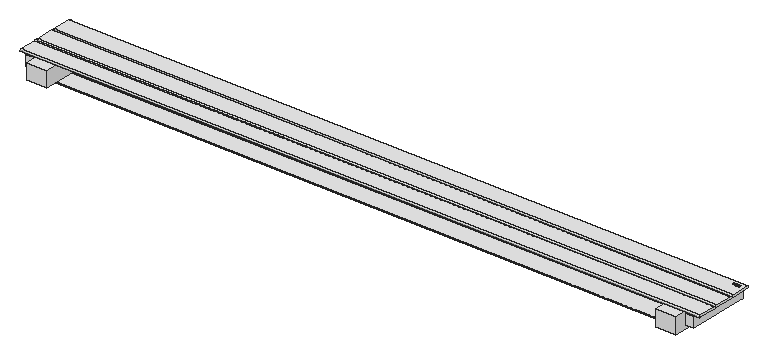
Revit family "Runtal-EB3-120D-120-Volts-96", category Mechanical Equipment, host Face, Revit 2026
Family settings
  Host = Face
  Round Connector Dimension = Use Diameter
  Part Type = Normal
  Classification Number = 23.75.10.14.14
  Cut with Voids When Loaded = No
  Maintain Annotation Orientation = No
  Shared = No
  Room Calculation Point = No
Parameters (values of type "Radiator-EB3-120D-96-Runtal-Electric Baseboard")
  Vertical Conection = Powder Coated-Runtal- Brass
  URL = "http://www.runtalnorthamerica.com/cartpages/orderelectricbaseboard.html"
  Model = "EB3-120D-(120 Volts)96"
  Manufacturer = "Runtal Radiators"
  Logo = Paint-Runtal-B-Black Matte
  Length [instance] = 8.000 ft
  Lamelle = yes
  Height [instance] = 0.000 ft
  Grille = yes
  Description = "96\" Runtal’s electric baseboard combines high outputs and low surface temperatures with the fine design and outstanding outputs."
  Depth [instance] = 0.000 ft
  Default Elevation = 4.479167 ft
  Casing = Powder Coated-Runtal-W-White
  Assembly Code = "D3020"
Reference planes (ft)
  plane 1 "Center (Front/Back)": y = 0
  plane 2: z = 0
  plane 3 "Center (Left/Right)": x = 0
Forms (ft)
  Extrusion 1, solid, material "Powder Coated-Runtal-W-White" <- "Casing"
    sketch origin (-1.041667, -4.570916, -0.0625) x (0, 0, -1) y (0, 1, 0)
      loop
        line (-0.25, 4.705771) -> (-0.25, 4.914105)
        arc (-0.25, 4.914105) -> (-0.260417, 4.924521) -> (-0.270833, 4.914105) r 0.010417
        line (-0.270833, 4.914105) -> (-0.270833, 4.705771)
        arc (-0.270833, 4.705771) -> (-0.260417, 4.695355) -> (-0.25, 4.705771) r 0.010417
      loop
        line (-0.25, 5.195766) -> (-0.25, 5.4041)
        arc (-0.25, 5.4041) -> (-0.260417, 5.414516) -> (-0.270833, 5.4041) r 0.010417
        line (-0.270833, 5.4041) -> (-0.270833, 5.195766)
        arc (-0.270833, 5.195766) -> (-0.260417, 5.18535) -> (-0.25, 5.195766) r 0.010417
      loop
        line (-0.25, 4.950769) -> (-0.25, 5.159102)
        arc (-0.25, 5.159102) -> (-0.260417, 5.169519) -> (-0.270833, 5.159102) r 0.010417
        line (-0.270833, 5.159102) -> (-0.270833, 4.950769)
        arc (-0.270833, 4.950769) -> (-0.260417, 4.940352) -> (-0.25, 4.950769) r 0.010417
    from -2.958333 to 5.041667
  Extrusion 2, solid, material "Powder Coated-Runtal-W-White" <- "Casing"
    sketch origin (-0.5, -0.40425, -0.224663) x (0, 0, -1) y (0, 1, 0)
      loop
        line (-0.401746, 1.04975) -> (-0.391329, 1.04975) -> (-0.391329, 1.218703) -> (-0.401746, 1.218703) -> (-0.401746, 1.04975)
    from -3.322917 to 4.322917
  Extrusion 3, solid, material "Powder Coated-Runtal-W-White" <- "Casing"
    sketch origin (-3, 0, -0.318697) x (0, 0, -1) y (0, 1, 0)
      loop
        line (-0.495781, 0.125) -> (-0.372589, 0.125) -> (-0.372589, 0.831573)
        arc (-0.372589, 0.831573) -> (-0.376155, 0.840183) -> (-0.384766, 0.84375) r 0.012177
        line (-0.384766, 0.84375) -> (-0.486488, 0.84375)
        arc (-0.486488, 0.84375) -> (-0.493059, 0.841028) -> (-0.495781, 0.834457) r 0.009293
        line (-0.495781, 0.834457) -> (-0.495781, 0.814453) -> (-0.506197, 0.814453) -> (-0.506197, 0.6455) -> (-0.495781, 0.6455) -> (-0.495781, 0.562658) -> (-0.506197, 0.562658) -> (-0.506197, 0.402366) -> (-0.495781, 0.402366) -> (-0.495781, 0.325113) -> (-0.506197, 0.325113) -> (-0.506197, 0.164821) -> (-0.495781, 0.164821) -> (-0.495781, 0.125)
    from -0.9375 to -0.822917
  Extrusion 4, solid, material "Powder Coated-Runtal-W-White" <- "Casing"
    sketch origin (3, 0, -0.318697) x (0, 0, -1) y (0, -1, 0)
      loop
        line (-0.495781, -0.125) -> (-0.495781, -0.164821) -> (-0.506197, -0.164821) -> (-0.506197, -0.325113) -> (-0.495781, -0.325113) -> (-0.495781, -0.402366) -> (-0.506197, -0.402366) -> (-0.506197, -0.562658) -> (-0.495781, -0.562658) -> (-0.495781, -0.6455) -> (-0.506197, -0.6455) -> (-0.506197, -0.814453) -> (-0.495781, -0.814453) -> (-0.495781, -0.834457)
        arc (-0.495781, -0.834457) -> (-0.493059, -0.841028) -> (-0.486488, -0.84375) r 0.009293
        line (-0.486488, -0.84375) -> (-0.384766, -0.84375)
        arc (-0.384766, -0.84375) -> (-0.376155, -0.840183) -> (-0.372589, -0.831573) r 0.012177
        line (-0.372589, -0.831573) -> (-0.372589, -0.125) -> (-0.495781, -0.125)
    from -0.9375 to -0.822917
  Extrusion 5, solid, material "Powder Coated-Runtal-W-White" <- "Casing"
    sketch origin (3, 0, -0.318697) x (0, 0, -1) y (0, -1, 0)
      loop
        line (-0.506197, -0.562658) -> (-0.318697, -0.562658) -> (-0.318697, 0) -> (-0.506197, 0) -> (-0.506197, -0.562658)
    from -0.822917 to -0.583333
  Revolve 6, solid, material "Powder Coated-Runtal- Brass" <- "Vertical Conection", detail levels medium+fine
    sketch origin (3.761344, -0.104261, -0.318697) x (0, 0, -1) y (0, 1, 0)
      loop
        line (-0.325662, 0.445089) -> (-0.325662, 0.453515) -> (-0.336948, 0.453515) -> (-0.336948, 0.43704) -> (-0.308881, 0.43704) -> (-0.308881, 0.445089) -> (-0.312297, 0.445089) -> (-0.312297, 0.453515) -> (-0.31608, 0.453515) -> (-0.31608, 0.445089) -> (-0.325662, 0.445089)
      axis (-0.308881, 0.43704) -> (-0.336948, 0.43704)
    angle from 0 to 360
  Revolve 7, solid, material "Powder Coated-Runtal- Brass" <- "Vertical Conection", detail levels medium+fine
    sketch origin (3.64676, -0.104261, -0.318697) x (0, 0, -1) y (0, 1, 0)
      loop
        line (-0.325662, 0.445089) -> (-0.325662, 0.453515) -> (-0.336948, 0.453515) -> (-0.336948, 0.43704) -> (-0.308881, 0.43704) -> (-0.308881, 0.445089) -> (-0.312297, 0.445089) -> (-0.312297, 0.453515) -> (-0.31608, 0.453515) -> (-0.31608, 0.445089) -> (-0.325662, 0.445089)
      axis (-0.308881, 0.43704) -> (-0.336948, 0.43704)
    angle from 0 to 360
  Extrusion 8, solid, material "Powder Coated-Runtal-W-White" <- "Casing"
    sketch origin (-3, 0, -0.318697) x (0, 0, -1) y (0, 1, 0)
      loop
        line (-0.506197, 0.562658) -> (-0.506197, 0) -> (-0.318697, 0) -> (-0.318697, 0.562658) -> (-0.506197, 0.562658)
    from -0.822917 to -0.583333
  Revolve 9, solid, material "Powder Coated-Runtal- Brass" <- "Vertical Conection", detail levels medium+fine
    sketch origin (-3.760417, -0.104261, -0.318697) x (0, 0, -1) y (0, -1, 0)
      loop
        line (-0.325662, -0.445089) -> (-0.31608, -0.445089) -> (-0.31608, -0.453515) -> (-0.312297, -0.453515) -> (-0.312297, -0.445089) -> (-0.308881, -0.445089) -> (-0.308881, -0.43704) -> (-0.336948, -0.43704) -> (-0.336948, -0.453515) -> (-0.325662, -0.453515) -> (-0.325662, -0.445089)
      axis (-0.308881, -0.43704) -> (-0.336948, -0.43704)
    angle from 0 to 360
  Revolve 10, solid, material "Powder Coated-Runtal- Brass" <- "Vertical Conection", detail levels medium+fine
    sketch origin (-3.645833, -0.104261, -0.318697) x (0, 0, -1) y (0, -1, 0)
      loop
        line (-0.325662, -0.445089) -> (-0.31608, -0.445089) -> (-0.31608, -0.453515) -> (-0.312297, -0.453515) -> (-0.312297, -0.445089) -> (-0.308881, -0.445089) -> (-0.308881, -0.43704) -> (-0.336948, -0.43704) -> (-0.336948, -0.453515) -> (-0.325662, -0.453515) -> (-0.325662, -0.445089)
      axis (-0.308881, -0.43704) -> (-0.336948, -0.43704)
    angle from 0 to 360
  Extrusion 11, solid, material "Paint-Runtal-B-Black Matte" <- "Logo"
    sketch origin (3.157776, -2.098472, -0.454561) x (1, 0, 0) y (0, 1, 0)
      loop
        line (0.708333, 2.877872) -> (0.713524, 2.877872) -> (0.713524, 2.890207)
        arc (0.713524, 2.890207) -> (0.715314, 2.892214) -> (0.717512, 2.890664) r 0.00202
        arc (0.717512, 2.890664) -> (0.71826, 2.889215) -> (0.719214, 2.887891) r 0.011057
        line (0.719214, 2.887891) -> (0.725319, 2.887891) -> (0.720987, 2.897182)
        arc (0.720987, 2.897182) -> (0.719614, 2.898304) -> (0.717887, 2.898705) r 0.003916
        line (0.717887, 2.898705) -> (0.710745, 2.898705)
        arc (0.710745, 2.898705) -> (0.709048, 2.898078) -> (0.708333, 2.896415) r 0.002293
        line (0.708333, 2.896415) -> (0.708333, 2.877872)
      loop
        line (0.731141, 2.877774) -> (0.74104, 2.877774) -> (0.74104, 2.89849)
        arc (0.74104, 2.89849) -> (0.738534, 2.900031) -> (0.736028, 2.89849) r 0.002809
        line (0.736028, 2.89849) -> (0.736028, 2.885662)
        arc (0.736028, 2.885662) -> (0.733992, 2.883626) -> (0.731957, 2.885662) r 0.002035
        line (0.731957, 2.885662) -> (0.727801, 2.899254)
        arc (0.727801, 2.899254) -> (0.725054, 2.900623) -> (0.723542, 2.897951) r 0.00223
        line (0.723542, 2.897951) -> (0.727487, 2.882129)
        arc (0.727487, 2.882129) -> (0.728812, 2.87953) -> (0.731141, 2.877774) r 0.006484
      loop
        line (0.742333, 2.877872) -> (0.747173, 2.877872) -> (0.747173, 2.890683)
        arc (0.747173, 2.890683) -> (0.748421, 2.892641) -> (0.750481, 2.891569) r 0.001719
        line (0.750481, 2.891569) -> (0.754367, 2.880892)
        arc (0.754367, 2.880892) -> (0.756691, 2.878393) -> (0.760104, 2.878321) r 0.00438
        line (0.760104, 2.878321) -> (0.755518, 2.895437)
        arc (0.755518, 2.895437) -> (0.75456, 2.897748) -> (0.752249, 2.898705) r 0.003268
        line (0.752249, 2.898705) -> (0.744217, 2.898705)
        arc (0.744217, 2.898705) -> (0.742885, 2.898154) -> (0.742333, 2.896822) r 0.001884
        line (0.742333, 2.896822) -> (0.742333, 2.877872)
      loop
        line (0.762343, 2.877872) -> (0.766226, 2.877872) -> (0.766226, 2.890244)
        arc (0.766226, 2.890244) -> (0.766685, 2.891486) -> (0.767841, 2.89213) r 0.001908
        line (0.767841, 2.89213) -> (0.777246, 2.89213)
        arc (0.777246, 2.89213) -> (0.779414, 2.889961) -> (0.777246, 2.887793) r 0.002169
        line (0.777246, 2.887793) -> (0.772456, 2.887793)
        arc (0.772456, 2.887793) -> (0.770789, 2.887102) -> (0.770099, 2.885436) r 0.002357
        line (0.770099, 2.885436) -> (0.770099, 2.879734)
        arc (0.770099, 2.879734) -> (0.771426, 2.878814) -> (0.773033, 2.878666) r 0.003173
        line (0.773033, 2.878666) -> (0.781219, 2.878666)
        arc (0.781219, 2.878666) -> (0.78313, 2.879458) -> (0.783922, 2.881369) r 0.002703
        line (0.783922, 2.881369) -> (0.783922, 2.89277)
        arc (0.783922, 2.89277) -> (0.782854, 2.895348) -> (0.780275, 2.896416) r 0.003646
        line (0.780275, 2.896416) -> (0.768185, 2.896416)
        arc (0.768185, 2.896416) -> (0.7668, 2.89699) -> (0.766226, 2.898376) r 0.00196
        line (0.766226, 2.898376) -> (0.766226, 2.901709)
        arc (0.766226, 2.901709) -> (0.764003, 2.903931) -> (0.761781, 2.901709) r 0.002222
        line (0.761781, 2.901709) -> (0.761781, 2.896305)
        arc (0.761781, 2.896305) -> (0.76034, 2.894864) -> (0.758372, 2.894336) r 0.003936
        arc (0.758372, 2.894336) -> (0.757269, 2.893233) -> (0.758372, 2.89213) r 0.001103
        arc (0.758372, 2.89213) -> (0.760535, 2.891682) -> (0.762343, 2.890413) r 0.00545
        line (0.762343, 2.890413) -> (0.762343, 2.877872)
      loop
        spline (0.773678, 2.88358) -> (0.773774, 2.8831) -> (0.774057, 2.882653) -> (0.774507, 2.88227) -> (0.775093, 2.881975) -> (0.775775, 2.88179) -> (0.776508, 2.881727) -> (0.77724, 2.88179) -> (0.777923, 2.881975) -> (0.778509, 2.88227) -> (0.778958, 2.882653) -> (0.779241, 2.8831) -> (0.779338, 2.88358)
        spline (0.779338, 2.88358) -> (0.779241, 2.88406) -> (0.778958, 2.884507) -> (0.778509, 2.88489) -> (0.777923, 2.885185) -> (0.77724, 2.88537) -> (0.776508, 2.885433) -> (0.775775, 2.88537) -> (0.775093, 2.885185) -> (0.774507, 2.88489) -> (0.774057, 2.884507) -> (0.773774, 2.88406) -> (0.773678, 2.88358)
      loop
        line (0.784855, 2.877872) -> (0.789512, 2.877872) -> (0.789512, 2.901585)
        arc (0.789512, 2.901585) -> (0.787184, 2.903914) -> (0.784855, 2.901585) r 0.002329
        line (0.784855, 2.901585) -> (0.784855, 2.877872)
    from 0.662875 to 0.66343
  Extrusion 12, solid, material "Powder Coated-Runtal-W-White" <- "Casing"
    sketch origin (0, 0, -0.25) x (1, 0, 0) y (0, 0, -1)
      loop
        arc (-3.810172, -0.303891) -> (-3.819184, -0.307624) -> (-3.822917, -0.316636) r 0.012745
        line (-3.822917, -0.316636) -> (-3.822917, -0.424778)
        arc (-3.822917, -0.424778) -> (-3.819191, -0.433774) -> (-3.810195, -0.4375) r 0.012722
        line (-3.810195, -0.4375) -> (3.81024, -0.4375)
        arc (3.81024, -0.4375) -> (3.819204, -0.433787) -> (3.822917, -0.424823) r 0.012677
        line (3.822917, -0.424823) -> (3.822917, -0.316313)
        arc (3.822917, -0.316313) -> (3.819278, -0.30753) -> (3.810495, -0.303891) r 0.012422
        line (3.810495, -0.303891) -> (-3.810172, -0.303891)
    from 0.835286 to 0.84375
  Extrusion 13, solid, material "Powder Coated-Runtal-W-White" <- "Casing"
    sketch origin (0, 0, -0.25) x (0, 0, -1) y (0, 1, 0)
      loop
        line (-0.25, 0.562658) -> (-0.259683, 0.562658) -> (-0.259683, 0.369436) -> (-0.25, 0.369436) -> (-0.25, 0.562658)
      loop
        line (-0.25, 0.353257) -> (-0.259683, 0.353257) -> (-0.259683, 0.124438) -> (-0.25, 0.124438) -> (-0.25, 0.353257)
    from -3.583333 to 3.583333
  Extrusion 14, solid, material "Powder Coated-Runtal-W-White" <- "Casing", not visible
    sketch origin (-1.041667, -0.1875, -4.570916) x (0, 1, 0) y (0, 0, 1)
      loop
        line (-0.25, 4.705771) -> (-0.25, 4.914105)
        arc (-0.25, 4.914105) -> (-0.260417, 4.924521) -> (-0.270833, 4.914105) r 0.010417
        line (-0.270833, 4.914105) -> (-0.270833, 4.705771)
        arc (-0.270833, 4.705771) -> (-0.260417, 4.695355) -> (-0.25, 4.705771) r 0.010417
      loop
        line (-0.25, 5.195766) -> (-0.25, 5.4041)
        arc (-0.25, 5.4041) -> (-0.260417, 5.414516) -> (-0.270833, 5.4041) r 0.010417
        line (-0.270833, 5.4041) -> (-0.270833, 5.195766)
        arc (-0.270833, 5.195766) -> (-0.260417, 5.18535) -> (-0.25, 5.195766) r 0.010417
      loop
        line (-0.25, 4.950769) -> (-0.25, 5.159102)
        arc (-0.25, 5.159102) -> (-0.260417, 5.169519) -> (-0.270833, 5.159102) r 0.010417
        line (-0.270833, 5.159102) -> (-0.270833, 4.950769)
        arc (-0.270833, 4.950769) -> (-0.260417, 4.940352) -> (-0.25, 4.950769) r 0.010417
    from -2.958333 to 5.041667
  Extrusion 15, solid, material "Powder Coated-Runtal-W-White" <- "Casing", not visible
    sketch origin (-0.5, -0.025337, -0.40425) x (0, 1, 0) y (0, 0, 1)
      loop
        line (-0.401746, 1.04975) -> (-0.391329, 1.04975) -> (-0.391329, 1.218703) -> (-0.401746, 1.218703) -> (-0.401746, 1.04975)
    from -3.322917 to 4.322917
  Extrusion 16, solid, material "Powder Coated-Runtal-W-White" <- "Casing", not visible
    sketch origin (-3, 0.068697, 0) x (0, 1, 0) y (0, 0, 1)
      loop
        line (-0.495781, 0.125) -> (-0.372589, 0.125) -> (-0.372589, 0.831573)
        arc (-0.372589, 0.831573) -> (-0.376155, 0.840183) -> (-0.384766, 0.84375) r 0.012177
        line (-0.384766, 0.84375) -> (-0.486488, 0.84375)
        arc (-0.486488, 0.84375) -> (-0.493059, 0.841028) -> (-0.495781, 0.834457) r 0.009293
        line (-0.495781, 0.834457) -> (-0.495781, 0.814453) -> (-0.506197, 0.814453) -> (-0.506197, 0.6455) -> (-0.495781, 0.6455) -> (-0.495781, 0.562658) -> (-0.506197, 0.562658) -> (-0.506197, 0.402366) -> (-0.495781, 0.402366) -> (-0.495781, 0.325113) -> (-0.506197, 0.325113) -> (-0.506197, 0.164821) -> (-0.495781, 0.164821) -> (-0.495781, 0.125)
    from -0.9375 to -0.822917
  Extrusion 17, solid, material "Powder Coated-Runtal-W-White" <- "Casing", not visible
    sketch origin (3, 0.068697, 0) x (0, 1, 0) y (0, 0, -1)
      loop
        line (-0.495781, -0.125) -> (-0.495781, -0.164821) -> (-0.506197, -0.164821) -> (-0.506197, -0.325113) -> (-0.495781, -0.325113) -> (-0.495781, -0.402366) -> (-0.506197, -0.402366) -> (-0.506197, -0.562658) -> (-0.495781, -0.562658) -> (-0.495781, -0.6455) -> (-0.506197, -0.6455) -> (-0.506197, -0.814453) -> (-0.495781, -0.814453) -> (-0.495781, -0.834457)
        arc (-0.495781, -0.834457) -> (-0.493059, -0.841028) -> (-0.486488, -0.84375) r 0.009293
        line (-0.486488, -0.84375) -> (-0.384766, -0.84375)
        arc (-0.384766, -0.84375) -> (-0.376155, -0.840183) -> (-0.372589, -0.831573) r 0.012177
        line (-0.372589, -0.831573) -> (-0.372589, -0.125) -> (-0.495781, -0.125)
    from -0.9375 to -0.822917
  Extrusion 18, solid, material "Powder Coated-Runtal-W-White" <- "Casing", not visible
    sketch origin (3, 0.068697, 0) x (0, 1, 0) y (0, 0, -1)
      loop
        line (-0.506197, -0.562658) -> (-0.318697, -0.562658) -> (-0.318697, 0) -> (-0.506197, 0) -> (-0.506197, -0.562658)
    from -0.822917 to -0.583333
  Revolve 19, solid, material "Powder Coated-Runtal- Brass" <- "Vertical Conection", not visible, detail levels medium+fine
    sketch origin (3.761344, 0.068697, -0.104261) x (0, 1, 0) y (0, 0, 1)
      loop
        line (-0.325662, 0.445089) -> (-0.325662, 0.453515) -> (-0.336948, 0.453515) -> (-0.336948, 0.43704) -> (-0.308881, 0.43704) -> (-0.308881, 0.445089) -> (-0.312297, 0.445089) -> (-0.312297, 0.453515) -> (-0.31608, 0.453515) -> (-0.31608, 0.445089) -> (-0.325662, 0.445089)
      axis (-0.308881, 0.43704) -> (-0.336948, 0.43704)
    angle from 0 to 360
  Revolve 20, solid, material "Powder Coated-Runtal- Brass" <- "Vertical Conection", not visible, detail levels medium+fine
    sketch origin (3.64676, 0.068697, -0.104261) x (0, 1, 0) y (0, 0, 1)
      loop
        line (-0.325662, 0.445089) -> (-0.325662, 0.453515) -> (-0.336948, 0.453515) -> (-0.336948, 0.43704) -> (-0.308881, 0.43704) -> (-0.308881, 0.445089) -> (-0.312297, 0.445089) -> (-0.312297, 0.453515) -> (-0.31608, 0.453515) -> (-0.31608, 0.445089) -> (-0.325662, 0.445089)
      axis (-0.308881, 0.43704) -> (-0.336948, 0.43704)
    angle from 0 to 360
  Extrusion 21, solid, material "Powder Coated-Runtal-W-White" <- "Casing", not visible
    sketch origin (-3, 0.068697, 0) x (0, 1, 0) y (0, 0, 1)
      loop
        line (-0.506197, 0.562658) -> (-0.506197, 0) -> (-0.318697, 0) -> (-0.318697, 0.562658) -> (-0.506197, 0.562658)
    from -0.822917 to -0.583333
  Revolve 22, solid, material "Powder Coated-Runtal- Brass" <- "Vertical Conection", not visible, detail levels medium+fine
    sketch origin (-3.760417, 0.068697, -0.104261) x (0, 1, 0) y (0, 0, -1)
      loop
        line (-0.325662, -0.445089) -> (-0.31608, -0.445089) -> (-0.31608, -0.453515) -> (-0.312297, -0.453515) -> (-0.312297, -0.445089) -> (-0.308881, -0.445089) -> (-0.308881, -0.43704) -> (-0.336948, -0.43704) -> (-0.336948, -0.453515) -> (-0.325662, -0.453515) -> (-0.325662, -0.445089)
      axis (-0.308881, -0.43704) -> (-0.336948, -0.43704)
    angle from 0 to 360
  Revolve 23, solid, material "Powder Coated-Runtal- Brass" <- "Vertical Conection", not visible, detail levels medium+fine
    sketch origin (-3.645833, 0.068697, -0.104261) x (0, 1, 0) y (0, 0, -1)
      loop
        line (-0.325662, -0.445089) -> (-0.31608, -0.445089) -> (-0.31608, -0.453515) -> (-0.312297, -0.453515) -> (-0.312297, -0.445089) -> (-0.308881, -0.445089) -> (-0.308881, -0.43704) -> (-0.336948, -0.43704) -> (-0.336948, -0.453515) -> (-0.325662, -0.453515) -> (-0.325662, -0.445089)
      axis (-0.308881, -0.43704) -> (-0.336948, -0.43704)
    angle from 0 to 360
  Extrusion 24, solid, material "Paint-Runtal-B-Black Matte" <- "Logo", not visible
    sketch origin (3.157776, 0.204561, -2.098472) x (1, 0, 0) y (0, 0, 1)
      loop
        line (0.708333, 2.877872) -> (0.713524, 2.877872) -> (0.713524, 2.890207)
        arc (0.713524, 2.890207) -> (0.715314, 2.892214) -> (0.717512, 2.890664) r 0.00202
        arc (0.717512, 2.890664) -> (0.71826, 2.889215) -> (0.719214, 2.887891) r 0.011057
        line (0.719214, 2.887891) -> (0.725319, 2.887891) -> (0.720987, 2.897182)
        arc (0.720987, 2.897182) -> (0.719614, 2.898304) -> (0.717887, 2.898705) r 0.003916
        line (0.717887, 2.898705) -> (0.710745, 2.898705)
        arc (0.710745, 2.898705) -> (0.709048, 2.898078) -> (0.708333, 2.896415) r 0.002293
        line (0.708333, 2.896415) -> (0.708333, 2.877872)
      loop
        line (0.731141, 2.877774) -> (0.74104, 2.877774) -> (0.74104, 2.89849)
        arc (0.74104, 2.89849) -> (0.738534, 2.900031) -> (0.736028, 2.89849) r 0.002809
        line (0.736028, 2.89849) -> (0.736028, 2.885662)
        arc (0.736028, 2.885662) -> (0.733992, 2.883626) -> (0.731957, 2.885662) r 0.002035
        line (0.731957, 2.885662) -> (0.727801, 2.899254)
        arc (0.727801, 2.899254) -> (0.725054, 2.900623) -> (0.723542, 2.897951) r 0.00223
        line (0.723542, 2.897951) -> (0.727487, 2.882129)
        arc (0.727487, 2.882129) -> (0.728812, 2.87953) -> (0.731141, 2.877774) r 0.006484
      loop
        line (0.742333, 2.877872) -> (0.747173, 2.877872) -> (0.747173, 2.890683)
        arc (0.747173, 2.890683) -> (0.748421, 2.892641) -> (0.750481, 2.891569) r 0.001719
        line (0.750481, 2.891569) -> (0.754367, 2.880892)
        arc (0.754367, 2.880892) -> (0.756691, 2.878393) -> (0.760104, 2.878321) r 0.00438
        line (0.760104, 2.878321) -> (0.755518, 2.895437)
        arc (0.755518, 2.895437) -> (0.75456, 2.897748) -> (0.752249, 2.898705) r 0.003268
        line (0.752249, 2.898705) -> (0.744217, 2.898705)
        arc (0.744217, 2.898705) -> (0.742885, 2.898154) -> (0.742333, 2.896822) r 0.001884
        line (0.742333, 2.896822) -> (0.742333, 2.877872)
      loop
        line (0.762343, 2.877872) -> (0.766226, 2.877872) -> (0.766226, 2.890244)
        arc (0.766226, 2.890244) -> (0.766685, 2.891486) -> (0.767841, 2.89213) r 0.001908
        line (0.767841, 2.89213) -> (0.777246, 2.89213)
        arc (0.777246, 2.89213) -> (0.779414, 2.889961) -> (0.777246, 2.887793) r 0.002169
        line (0.777246, 2.887793) -> (0.772456, 2.887793)
        arc (0.772456, 2.887793) -> (0.770789, 2.887102) -> (0.770099, 2.885436) r 0.002357
        line (0.770099, 2.885436) -> (0.770099, 2.879734)
        arc (0.770099, 2.879734) -> (0.771426, 2.878814) -> (0.773033, 2.878666) r 0.003173
        line (0.773033, 2.878666) -> (0.781219, 2.878666)
        arc (0.781219, 2.878666) -> (0.78313, 2.879458) -> (0.783922, 2.881369) r 0.002703
        line (0.783922, 2.881369) -> (0.783922, 2.89277)
        arc (0.783922, 2.89277) -> (0.782854, 2.895348) -> (0.780275, 2.896416) r 0.003646
        line (0.780275, 2.896416) -> (0.768185, 2.896416)
        arc (0.768185, 2.896416) -> (0.7668, 2.89699) -> (0.766226, 2.898376) r 0.00196
        line (0.766226, 2.898376) -> (0.766226, 2.901709)
        arc (0.766226, 2.901709) -> (0.764003, 2.903931) -> (0.761781, 2.901709) r 0.002222
        line (0.761781, 2.901709) -> (0.761781, 2.896305)
        arc (0.761781, 2.896305) -> (0.76034, 2.894864) -> (0.758372, 2.894336) r 0.003936
        arc (0.758372, 2.894336) -> (0.757269, 2.893233) -> (0.758372, 2.89213) r 0.001103
        arc (0.758372, 2.89213) -> (0.760535, 2.891682) -> (0.762343, 2.890413) r 0.00545
        line (0.762343, 2.890413) -> (0.762343, 2.877872)
      loop
        spline (0.773678, 2.88358) -> (0.773774, 2.8831) -> (0.774057, 2.882653) -> (0.774507, 2.88227) -> (0.775093, 2.881975) -> (0.775775, 2.88179) -> (0.776508, 2.881727) -> (0.77724, 2.88179) -> (0.777923, 2.881975) -> (0.778509, 2.88227) -> (0.778958, 2.882653) -> (0.779241, 2.8831) -> (0.779338, 2.88358)
        spline (0.779338, 2.88358) -> (0.779241, 2.88406) -> (0.778958, 2.884507) -> (0.778509, 2.88489) -> (0.777923, 2.885185) -> (0.77724, 2.88537) -> (0.776508, 2.885433) -> (0.775775, 2.88537) -> (0.775093, 2.885185) -> (0.774507, 2.88489) -> (0.774057, 2.884507) -> (0.773774, 2.88406) -> (0.773678, 2.88358)
      loop
        line (0.784855, 2.877872) -> (0.789512, 2.877872) -> (0.789512, 2.901585)
        arc (0.789512, 2.901585) -> (0.787184, 2.903914) -> (0.784855, 2.901585) r 0.002329
        line (0.784855, 2.901585) -> (0.784855, 2.877872)
    from 0.662875 to 0.66343
  Extrusion 25, solid, material "Powder Coated-Runtal-W-White" <- "Casing", not visible
    sketch origin (0, 0, 0) x (1, 0, 0) y (0, 1, 0)
      loop
        arc (-3.810172, -0.303891) -> (-3.819184, -0.307624) -> (-3.822917, -0.316636) r 0.012745
        line (-3.822917, -0.316636) -> (-3.822917, -0.424778)
        arc (-3.822917, -0.424778) -> (-3.819191, -0.433774) -> (-3.810195, -0.4375) r 0.012722
        line (-3.810195, -0.4375) -> (3.81024, -0.4375)
        arc (3.81024, -0.4375) -> (3.819204, -0.433787) -> (3.822917, -0.424823) r 0.012677
        line (3.822917, -0.424823) -> (3.822917, -0.316313)
        arc (3.822917, -0.316313) -> (3.819278, -0.30753) -> (3.810495, -0.303891) r 0.012422
        line (3.810495, -0.303891) -> (-3.810172, -0.303891)
    from 0.835286 to 0.84375
  Extrusion 26, solid, material "Powder Coated-Runtal-W-White" <- "Casing", not visible
    sketch origin (0, 0, 0) x (0, 1, 0) y (0, 0, 1)
      loop
        line (-0.25, 0.562658) -> (-0.259683, 0.562658) -> (-0.259683, 0.369436) -> (-0.25, 0.369436) -> (-0.25, 0.562658)
      loop
        line (-0.25, 0.353257) -> (-0.259683, 0.353257) -> (-0.259683, 0.124438) -> (-0.25, 0.124438) -> (-0.25, 0.353257)
    from -3.583333 to 3.583333
Dimensions and locks (ft)
  aligned and locked: plane 2 to host face
  aligned and locked: level to host face
  aligned and locked: level to nested 2
  aligned and locked: Extrusion 13 to Extrusion 5
  aligned and locked: Extrusion 13 to Extrusion 8
  aligned and locked: Extrusion 8 to level
  aligned and locked: plane 1 "Center (Front/Back)" to Extrusion 8
Nested families (ft)
  nested 1: "EB3_Plan_coarse" at (0, 0, 0) x (-1, 0, 0) z (0, -1, 0), type "EB3_Plan_coarse"
  nested 2: "EB3_Plan_medium" at (0, 0, 0) x (-1, 0, 0) z (0, -1, 0), type "EB3_Plan_medium"
  nested 3: "Family Grilles" at (3.822917, 0.84375, 0.080729) x (-1, 0, 0) z (0, 1, 0), type "Family Grilles", detail levels fine
  nested 4: "Family Grilles" at (3.822917, -0.330729, 0.84375) x (-1, 0, 0) z (0, 0, 1), type "Family Grilles", not visible, detail levels fine
Definition of nested family "EB3_Plan_coarse"
  Parameters
    width = 3.000 ft
  Reference planes (ft)
    plane 1 "Center (Front/Back)": y = 0
    plane 2: z = 0
    plane 3 "Center (Left/Right)": x = 0
    plane 4: x = -1.5
    plane 5: x = 1.5
    plane 6: x = -1.322917
    plane 7: x = 1.322917
  Lines and regions (ft)
    Masking region 1, in view "Ref. Level", detail levels coarse
      outline origin (-3.851678, -1.620117, 0) x (1, 0, 0) y (0, 1, 0)
        loop
          line (2.351678, 1.411784) -> (5.351678, 1.411784) -> (5.351678, 1.432617) -> (5.289178, 1.432617) -> (5.289178, 1.566226) -> (5.174595, 1.566226) -> (5.174595, 1.620117) -> (2.528762, 1.620117) -> (2.528762, 1.566226) -> (2.414178, 1.566226) -> (2.414178, 1.432617) -> (2.351678, 1.432617) -> (2.351678, 1.411784)
    detail lines, in view "Ref. Level", detail levels coarse
      curve 1: line (-1.322917, 0, 0) -> (-1.322917, -0.053891, 0)
      curve 2: line (-1.322917, -0.053891, 0) -> (-1.4375, -0.053891, 0)
      curve 3: line (-1.4375, -0.053891, 0) -> (-1.4375, -0.1875, 0)
      curve 4: line (-1.5, -0.1875, 0) -> (-1.5, -0.208333, 0)
      curve 5: line (1.322917, 0, 0) -> (-1.322917, 0, 0)
      curve 6: line (-1.4375, -0.1875, 0) -> (-1.5, -0.1875, 0)
      curve 7: line (-1.5, -0.208333, 0) -> (1.5, -0.208333, 0)
      curve 8: line (1.322917, 0, 0) -> (1.322917, -0.053891, 0)
      curve 9: line (1.322917, -0.053891, 0) -> (1.4375, -0.053891, 0)
      curve 10: line (1.4375, -0.053891, 0) -> (1.4375, -0.1875, 0)
      curve 11: line (1.5, -0.1875, 0) -> (1.5, -0.208333, 0)
      curve 12: line (1.4375, -0.1875, 0) -> (1.5, -0.1875, 0)
    detail lines, in view "Ref. Level", not visible
      curve 13: line (-1.322917, 0, 0) -> (-1.322917, -0.053891, 0)
      curve 14: line (-1.322917, -0.053891, 0) -> (-1.4375, -0.053891, 0)
      curve 15: line (-1.4375, -0.053891, 0) -> (-1.4375, -0.1875, 0)
      curve 16: line (-1.5, -0.1875, 0) -> (-1.5, -0.208333, 0)
      curve 17: line (-1.4375, -0.1875, 0) -> (-1.5, -0.1875, 0)
    detail lines, in view "Ref. Level", not visible, detail levels coarse
      curve 18: line (-1.322917, 0, 0) -> (-1.322917, -0.053891, 0)
      curve 19: line (-1.322917, -0.053891, 0) -> (-1.4375, -0.053891, 0)
      curve 20: line (-1.4375, -0.053891, 0) -> (-1.4375, -0.1875, 0)
      curve 21: line (-1.5, -0.1875, 0) -> (-1.5, -0.208333, 0)
      curve 22: line (-1.4375, -0.1875, 0) -> (-1.5, -0.1875, 0)
      curve 23: line (1.322917, 0, 0) -> (1.322917, -0.053891, 0)
      curve 24: line (1.322917, -0.053891, 0) -> (1.4375, -0.053891, 0)
      curve 25: line (1.4375, -0.053891, 0) -> (1.4375, -0.1875, 0)
      curve 26: line (1.5, -0.1875, 0) -> (1.5, -0.208333, 0)
      curve 27: line (1.4375, -0.1875, 0) -> (1.5, -0.1875, 0)
  Dimensions and locks (ft)
    equal spacing: plane 4, plane 3 "Center (Left/Right)", plane 5
    "width": plane 4 to plane 5
    locked: plane 4 to plane 6 at 0.177083
    locked: plane 7 to plane 5 at 0.177083
    aligned and locked: plane 4 to curve 4
    aligned and locked: plane 6 to curve 1
    aligned and locked: plane 5 to curve 11
    aligned and locked: plane 7 to curve 8
    aligned and locked: plane 6 to curve 5
    aligned and locked: plane 4 to curve 7
    aligned and locked: plane 5 to curve 7
    aligned and locked: curve 5 to curve 8
    aligned and locked: Masking region 1 sketch curve to curve 7
    aligned and locked: Masking region 1 sketch curve to curve 5
    aligned and locked: Masking region 1 sketch curve to curve 1
    aligned and locked: Masking region 1 sketch curve to curve 2
    aligned and locked: Masking region 1 sketch curve to curve 3
    aligned and locked: Masking region 1 sketch curve to curve 6
    aligned and locked: Masking region 1 sketch curve to curve 4
    aligned and locked: curve 8 to Masking region 1 sketch curve
    aligned and locked: Masking region 1 sketch curve to curve 9
    aligned and locked: Masking region 1 sketch curve to curve 11
  Automatic sketch dimensions
    plane 1 "Center (Front/Back)" to curve 7 = 0.208333 ft
    plane 1 "Center (Front/Back)" to curve 5 = 0.000 ft
    Masking region 1 sketch curve to Masking region 1 sketch curve = 0.0625 ft
    Masking region 1 sketch curve to Masking region 1 sketch curve = 0.020833 ft
Definition of nested family "EB3_Plan_medium"
  Parameters
    width = 4.000 ft
  Reference planes (ft)
    plane 1 "Center (Front/Back)": y = 0
    plane 2: z = 0
    plane 3 "Center (Left/Right)": x = 0
    plane 4: x = -2
    plane 5: x = 2
    plane 6: x = -1.822917
    plane 7: x = 1.822917
    plane 8: x = -1.583333
    plane 9: x = 1.583333
  Lines and regions (ft)
    Masking region 1, in view "Ref. Level", detail levels medium+fine
      outline origin (-3.851678, -1.620117, 0) x (1, 0, 0) y (0, 1, 0)
        loop
          line (1.851678, 1.411784) -> (5.851678, 1.411784) -> (5.851678, 1.432617) -> (5.789178, 1.432617) -> (5.789178, 1.566226) -> (5.674595, 1.566226) -> (5.674595, 1.620117) -> (2.028762, 1.620117) -> (2.028762, 1.566226) -> (1.914178, 1.566226) -> (1.914178, 1.432617) -> (1.851678, 1.432617) -> (1.851678, 1.411784)
    detail lines, in view "Ref. Level", detail levels medium+fine
      curve 1: line (-1.822917, 0, 0) -> (-1.822917, -0.053891, 0)
      curve 2: line (-1.822917, -0.053891, 0) -> (-1.9375, -0.053891, 0)
      curve 3: line (-1.9375, -0.053891, 0) -> (-1.9375, -0.1875, 0)
      curve 4: line (-2, -0.1875, 0) -> (-2, -0.208333, 0)
      curve 5: line (1.822917, 0, 0) -> (-1.822917, 0, 0)
      curve 6: line (-1.9375, -0.1875, 0) -> (-2, -0.1875, 0)
      curve 7: line (-2, -0.208333, 0) -> (2, -0.208333, 0)
      curve 8: line (1.822917, 0, 0) -> (1.822917, -0.053891, 0)
      curve 9: line (1.822917, -0.053891, 0) -> (1.9375, -0.053891, 0)
      curve 10: line (1.9375, -0.053891, 0) -> (1.9375, -0.1875, 0)
      curve 11: line (2, -0.1875, 0) -> (2, -0.208333, 0)
      curve 12: line (1.9375, -0.1875, 0) -> (2, -0.1875, 0)
      curve 28: line (-1.9375, -0.053891, 0) -> (-1.822917, -0.053891, 0)
      curve 29: line (-1.9375, -0.177083, 0) -> (-1.9375, -0.053891, 0)
      curve 30: line (-1.822917, -0.177083, 0) -> (-1.9375, -0.177083, 0)
      curve 31: line (-1.822917, -0.053891, 0) -> (-1.822917, -0.177083, 0)
      curve 32: line (-1.9375, -0.177083, 0) -> (-1.822917, -0.177083, 0)
      curve 33: line (-1.9375, -0.1875, 0) -> (-1.9375, -0.177083, 0)
      curve 34: line (-1.822917, -0.1875, 0) -> (-1.9375, -0.1875, 0)
      curve 35: line (-1.822917, -0.177083, 0) -> (-1.822917, -0.1875, 0)
      curve 36: line (-2, -0.1875, 0) -> (2, -0.1875, 0)
      curve 37: line (-2, -0.208333, 0) -> (-2, -0.1875, 0)
      curve 39: line (2, -0.1875, 0) -> (2, -0.208333, 0)
      curve 40: line (1.822917, -0.053891, 0) -> (1.9375, -0.053891, 0)
      curve 41: line (1.822917, -0.177083, 0) -> (1.822917, -0.053891, 0)
      curve 42: line (1.9375, -0.177083, 0) -> (1.822917, -0.177083, 0)
      curve 43: line (1.9375, -0.053891, 0) -> (1.9375, -0.177083, 0)
      curve 44: line (1.822917, -0.177083, 0) -> (1.9375, -0.177083, 0)
      curve 45: line (1.822917, -0.1875, 0) -> (1.822917, -0.177083, 0)
      curve 46: line (1.9375, -0.1875, 0) -> (1.822917, -0.1875, 0)
      curve 47: line (1.9375, -0.177083, 0) -> (1.9375, -0.1875, 0)
      curve 48: line (1.583333, -0.009683, 0) -> (-1.583333, -0.009683, 0)
      curve 49: line (1.583333, 0, 0) -> (1.583333, -0.009683, 0)
      curve 50: line (-1.822917, 0, 0) -> (1.822917, 0, 0)
      curve 51: line (-1.583333, -0.009683, 0) -> (-1.583333, 0, 0)
      curve 52: line (-1.822599, -0.0705, 0) -> (-1.822599, -0.171359, 0)
      curve 53: line (1.822917, -0.053891, 0) -> (-1.822917, -0.053891, 0)
      curve 54: line (1.822917, -0.170833, 0) -> (1.822917, -0.070558, 0)
      curve 55: line (1.583333, 0, 0) -> (1.822917, 0, 0)
      curve 56: line (1.583333, -0.053891, 0) -> (1.583333, 0, 0)
      curve 57: line (1.80625, -0.053891, 0) -> (1.583333, -0.053891, 0)
      curve 58: line (1.822917, 0, 0) -> (1.822917, -0.053891, 0)
      curve 59: line (-1.583333, -0.054007, 0) -> (-1.806106, -0.054007, 0)
      curve 60: line (-1.583333, 0, 0) -> (-1.583333, -0.054007, 0)
      curve 61: line (-1.822917, 0, 0) -> (-1.583333, 0, 0)
      curve 62: line (-1.822917, -0.053891, 0) -> (-1.822917, 0, 0)
      curve 63: arc (-1.806106, -0.054007, 0) -> (-1.817768, -0.058838, 0) -> (-1.822599, -0.0705, 0) r 0.016493
      curve 64: arc (-1.822599, -0.171359, 0) -> (-1.817538, -0.182803, 0) -> (-1.80594, -0.1875, 0) r 0.016667
      curve 65: arc (1.822917, -0.070558, 0) -> (1.818035, -0.058773, 0) -> (1.80625, -0.053891, 0) r 0.016667
      curve 66: arc (1.80625, -0.1875, 0) -> (1.818035, -0.182618, 0) -> (1.822917, -0.170833, 0) r 0.016667
    detail lines, in view "Ref. Level", not visible
      curve 13: line (-1.322917, 0, 0) -> (-1.322917, -0.053891, 0)
      curve 14: line (-1.322917, -0.053891, 0) -> (-1.4375, -0.053891, 0)
      curve 15: line (-1.4375, -0.053891, 0) -> (-1.4375, -0.1875, 0)
      curve 16: line (-1.5, -0.1875, 0) -> (-1.5, -0.208333, 0)
      curve 17: line (-1.4375, -0.1875, 0) -> (-1.5, -0.1875, 0)
    detail lines, in view "Ref. Level", not visible, detail levels medium+fine
      curve 18: line (-1.322917, 0, 0) -> (-1.322917, -0.053891, 0)
      curve 19: line (-1.322917, -0.053891, 0) -> (-1.4375, -0.053891, 0)
      curve 20: line (-1.4375, -0.053891, 0) -> (-1.4375, -0.1875, 0)
      curve 21: line (-1.5, -0.1875, 0) -> (-1.5, -0.208333, 0)
      curve 22: line (-1.4375, -0.1875, 0) -> (-1.5, -0.1875, 0)
      curve 23: line (1.322917, 0, 0) -> (1.322917, -0.053891, 0)
      curve 24: line (1.322917, -0.053891, 0) -> (1.4375, -0.053891, 0)
      curve 25: line (1.4375, -0.053891, 0) -> (1.4375, -0.1875, 0)
      curve 26: line (1.5, -0.1875, 0) -> (1.5, -0.208333, 0)
      curve 27: line (1.4375, -0.1875, 0) -> (1.5, -0.1875, 0)
      curve 67: line (-1.32543, -1.793627, 0) -> (-1.210847, -1.793627, 0)
      curve 68: line (-1.32543, -1.916819, 0) -> (-1.32543, -1.793627, 0)
      curve 69: line (-1.210847, -1.916819, 0) -> (-1.32543, -1.916819, 0)
      curve 70: line (-1.210847, -1.793627, 0) -> (-1.210847, -1.916819, 0)
      curve 71: line (-1.32543, -1.916819, 0) -> (-1.210847, -1.916819, 0)
      curve 72: line (-1.32543, -1.927236, 0) -> (-1.32543, -1.916819, 0)
      curve 73: line (-1.210847, -1.927236, 0) -> (-1.32543, -1.927236, 0)
      curve 74: line (-1.210847, -1.916819, 0) -> (-1.210847, -1.927236, 0)
      curve 75: line (-1.38793, -1.948069, 0) -> (-1.38793, -1.927236, 0)
      curve 76: line (-0.971263, -1.749419, 0) -> (-0.971263, -1.739736, 0)
      curve 77: line (-1.210529, -1.810236, 0) -> (-1.210529, -1.911095, 0)
      curve 78: line (-0.971263, -1.793743, 0) -> (-1.194035, -1.793743, 0)
      curve 79: line (-0.971263, -1.739736, 0) -> (-0.971263, -1.793743, 0)
      curve 80: line (-1.210847, -1.739736, 0) -> (-0.971263, -1.739736, 0)
      curve 81: line (-1.210847, -1.793627, 0) -> (-1.210847, -1.739736, 0)
      curve 82: arc (-1.194035, -1.793743, 0) -> (-1.205698, -1.798573, 0) -> (-1.210529, -1.810236, 0) r 0.016493
      curve 83: arc (-1.210529, -1.911095, 0) -> (-1.205468, -1.922538, 0) -> (-1.19387, -1.927236, 0) r 0.016667
      curve 84: line (1.61207, -1.927236, 0) -> (1.61207, -1.948069, 0)
      curve 85: line (1.434987, -1.793627, 0) -> (1.54957, -1.793627, 0)
      curve 86: line (1.434987, -1.916819, 0) -> (1.434987, -1.793627, 0)
      curve 87: line (1.54957, -1.916819, 0) -> (1.434987, -1.916819, 0)
      curve 88: line (1.54957, -1.793627, 0) -> (1.54957, -1.916819, 0)
      curve 89: line (1.434987, -1.916819, 0) -> (1.54957, -1.916819, 0)
      curve 90: line (1.434987, -1.927236, 0) -> (1.434987, -1.916819, 0)
      curve 91: line (1.54957, -1.927236, 0) -> (1.434987, -1.927236, 0)
      curve 92: line (1.54957, -1.916819, 0) -> (1.54957, -1.927236, 0)
      curve 93: line (1.195403, -1.739736, 0) -> (1.195403, -1.749419, 0)
      curve 94: line (1.434987, -1.910569, 0) -> (1.434987, -1.810294, 0)
      curve 95: line (1.195403, -1.739736, 0) -> (1.434987, -1.739736, 0)
      curve 96: line (1.195403, -1.793627, 0) -> (1.195403, -1.739736, 0)
      curve 97: line (1.41832, -1.793627, 0) -> (1.195403, -1.793627, 0)
      curve 98: line (1.434987, -1.739736, 0) -> (1.434987, -1.793627, 0)
      curve 99: arc (1.434987, -1.810294, 0) -> (1.430105, -1.798509, 0) -> (1.41832, -1.793627, 0) r 0.016667
      curve 100: arc (1.41832, -1.927236, 0) -> (1.430105, -1.922354, 0) -> (1.434987, -1.910569, 0) r 0.016667
    detail lines, in view "Ref. Level", detail levels medium
      curve 38: line (2, -0.208333, 0) -> (-2, -0.208333, 0)
  Dimensions and locks (ft)
    equal spacing: plane 4, plane 3 "Center (Left/Right)", plane 5
    "width": plane 4 to plane 5
    locked: plane 4 to plane 6 at 0.177083
    locked: plane 7 to plane 5 at 0.177083
    locked: plane 6 to plane 8 at 0.239583
    locked: plane 9 to plane 7 at 0.239583
    aligned and locked: plane 4 to curve 4
    aligned and locked: plane 6 to curve 1
    aligned and locked: plane 5 to curve 11
    aligned and locked: plane 7 to curve 8
    aligned and locked: plane 6 to curve 5
    aligned and locked: plane 4 to curve 7
    aligned and locked: plane 5 to curve 7
    aligned and locked: curve 5 to curve 8
    aligned and locked: Masking region 1 sketch curve to curve 7
    aligned and locked: Masking region 1 sketch curve to curve 5
    aligned and locked: Masking region 1 sketch curve to curve 1
    aligned and locked: Masking region 1 sketch curve to curve 2
    aligned and locked: Masking region 1 sketch curve to curve 3
    aligned and locked: Masking region 1 sketch curve to curve 6
    aligned and locked: Masking region 1 sketch curve to curve 4
    aligned and locked: curve 8 to Masking region 1 sketch curve
    aligned and locked: Masking region 1 sketch curve to curve 9
    aligned and locked: Masking region 1 sketch curve to curve 11
    aligned and locked: plane 4 to curve 36
    aligned and locked: plane 4 to curve 38
    aligned and locked: plane 6 to curve 50
    aligned and locked: plane 6 to curve 53
    aligned and locked: curve 60 to plane 8
    aligned and locked: plane 8 to curve 51
    aligned and locked: curve 51 to plane 8
    aligned and locked: plane 5 to curve 39
    aligned and locked: plane 5 to curve 36
    aligned and locked: plane 5 to curve 38
    aligned and locked: plane 7 to curve 50
    aligned and locked: curve 56 to plane 9
    aligned and locked: curve 48 to plane 9
    aligned and locked: plane 7 to curve 53
  Automatic sketch dimensions
    plane 1 "Center (Front/Back)" to curve 7 = 0.208333 ft
    plane 1 "Center (Front/Back)" to curve 5 = 0.000 ft
    Masking region 1 sketch curve to Masking region 1 sketch curve = 0.0625 ft
    Masking region 1 sketch curve to Masking region 1 sketch curve = 0.020833 ft
    plane 1 "Center (Front/Back)" to curve 36 = 0.1875 ft
    plane 1 "Center (Front/Back)" to curve 38 = 0.208333 ft
    plane 1 "Center (Front/Back)" to curve 50 = 0.000 ft
    plane 1 "Center (Front/Back)" to curve 53 = 0.053891 ft
    curve 48 to plane 6 = 0.239583 ft
    plane 1 "Center (Front/Back)" to curve 48 = 0.009683 ft
Definition of nested family "Family Grilles"
  Parameters
    finLength = 1.416667 ft
    Right# = ((finLength - 0.033333 ft) / (0.016667 ft)) + 1  # 84
    Left# = ((finLength - 0.025 ft) / (0.016667 ft)) + 1  # 85
    Default Elevation = 4.000 ft
  Reference planes (ft)
    plane 1 "Center (Front/Back)": y = 0
    plane 2: z = 0
    plane 3 "Center (Left/Right)": x = 0
    plane 4: x = 1.416667
  Forms (ft)
    Extrusion 1, solid
      sketch origin (0, 0, 0) x (1, 0, 0) y (0, 1, 0)
        loop
          line (-4, 4) -> (-4, -4) -> (4, -4) -> (4, 4) -> (-4, 4)
      from 0 to -1
  Lines and regions (ft)
    model lines
      curve 1: circle (0.008333, 0.077083, 0) r 0.004167 normal (0, 0, 1)
      curve 2: circle (0.008333, 0.047917, 0) r 0.004167 normal (0, 0, 1)
      curve 3: circle (0.008333, 0.01875, 0) r 0.004167 normal (0, 0, 1)
      curve 4: circle (0.016667, 0.0625, 0) r 0.004167 normal (0, 0, 1)
      curve 5: circle (0.016667, 0.033333, 0) r 0.004167 normal (0, 0, 1)
      curve 6: circle (0.016667, 0.004167, 0) r 0.004167 normal (0, 0, 1)
      curve 13: circle (0.025, 0.077083, 0) r 0.004167 normal (0, 0, 1)
      curve 14: circle (0.025, 0.047917, 0) r 0.004167 normal (0, 0, 1)
      curve 15: circle (0.025, 0.01875, 0) r 0.004167 normal (0, 0, 1)
      curve 16: circle (0.033333, 0.0625, 0) r 0.004167 normal (0, 0, 1)
      curve 17: circle (0.033333, 0.033333, 0) r 0.004167 normal (0, 0, 1)
      curve 18: circle (0.033333, 0.004167, 0) r 0.004167 normal (0, 0, 1)
      curve 19: circle (0.05, 0.0625, 0) r 0.004167 normal (0, 0, 1)
      curve 20: circle (0.05, 0.033333, 0) r 0.004167 normal (0, 0, 1)
      curve 21: circle (0.05, 0.004167, 0) r 0.004167 normal (0, 0, 1)
      curve 22: circle (0.066667, 0.0625, 0) r 0.004167 normal (0, 0, 1)
      curve 23: circle (0.066667, 0.033333, 0) r 0.004167 normal (0, 0, 1)
      curve 24: circle (0.066667, 0.004167, 0) r 0.004167 normal (0, 0, 1)
      curve 25: circle (0.041667, 0.077083, 0) r 0.004167 normal (0, 0, 1)
      curve 26: circle (0.041667, 0.047917, 0) r 0.004167 normal (0, 0, 1)
      curve 27: circle (0.041667, 0.01875, 0) r 0.004167 normal (0, 0, 1)
      curve 28: circle (0.058333, 0.077083, 0) r 0.004167 normal (0, 0, 1)
      curve 29: circle (0.058333, 0.047917, 0) r 0.004167 normal (0, 0, 1)
      curve 30: circle (0.058333, 0.01875, 0) r 0.004167 normal (0, 0, 1)
      curve 31: circle (0.075, 0.077083, 0) r 0.004167 normal (0, 0, 1)
      curve 32: circle (0.075, 0.047917, 0) r 0.004167 normal (0, 0, 1)
      curve 33: circle (0.075, 0.01875, 0) r 0.004167 normal (0, 0, 1)
      curve 34: circle (0.091667, 0.077083, 0) r 0.004167 normal (0, 0, 1)
      curve 35: circle (0.091667, 0.047917, 0) r 0.004167 normal (0, 0, 1)
      curve 36: circle (0.091667, 0.01875, 0) r 0.004167 normal (0, 0, 1)
      curve 37: circle (0.108333, 0.077083, 0) r 0.004167 normal (0, 0, 1)
      curve 38: circle (0.108333, 0.047917, 0) r 0.004167 normal (0, 0, 1)
      curve 39: circle (0.108333, 0.01875, 0) r 0.004167 normal (0, 0, 1)
      curve 40: circle (0.125, 0.077083, 0) r 0.004167 normal (0, 0, 1)
      curve 41: circle (0.125, 0.047917, 0) r 0.004167 normal (0, 0, 1)
      curve 42: circle (0.125, 0.01875, 0) r 0.004167 normal (0, 0, 1)
      curve 43: circle (0.141667, 0.077083, 0) r 0.004167 normal (0, 0, 1)
      curve 44: circle (0.141667, 0.047917, 0) r 0.004167 normal (0, 0, 1)
      curve 45: circle (0.141667, 0.01875, 0) r 0.004167 normal (0, 0, 1)
      curve 46: circle (0.158333, 0.077083, 0) r 0.004167 normal (0, 0, 1)
      curve 47: circle (0.158333, 0.047917, 0) r 0.004167 normal (0, 0, 1)
      curve 48: circle (0.158333, 0.01875, 0) r 0.004167 normal (0, 0, 1)
      curve 49: circle (0.175, 0.077083, 0) r 0.004167 normal (0, 0, 1)
      curve 50: circle (0.175, 0.047917, 0) r 0.004167 normal (0, 0, 1)
      curve 51: circle (0.175, 0.01875, 0) r 0.004167 normal (0, 0, 1)
      curve 52: circle (0.191667, 0.077083, 0) r 0.004167 normal (0, 0, 1)
      curve 53: circle (0.191667, 0.047917, 0) r 0.004167 normal (0, 0, 1)
      curve 54: circle (0.191667, 0.01875, 0) r 0.004167 normal (0, 0, 1)
      curve 55: circle (0.208333, 0.077083, 0) r 0.004167 normal (0, 0, 1)
      curve 56: circle (0.208333, 0.047917, 0) r 0.004167 normal (0, 0, 1)
      curve 57: circle (0.208333, 0.01875, 0) r 0.004167 normal (0, 0, 1)
      curve 58: circle (0.225, 0.077083, 0) r 0.004167 normal (0, 0, 1)
      curve 59: circle (0.225, 0.047917, 0) r 0.004167 normal (0, 0, 1)
      curve 60: circle (0.225, 0.01875, 0) r 0.004167 normal (0, 0, 1)
      curve 61: circle (0.241667, 0.077083, 0) r 0.004167 normal (0, 0, 1)
      curve 62: circle (0.241667, 0.047917, 0) r 0.004167 normal (0, 0, 1)
      curve 63: circle (0.241667, 0.01875, 0) r 0.004167 normal (0, 0, 1)
      curve 64: circle (0.258333, 0.077083, 0) r 0.004167 normal (0, 0, 1)
      curve 65: circle (0.258333, 0.047917, 0) r 0.004167 normal (0, 0, 1)
      curve 66: circle (0.258333, 0.01875, 0) r 0.004167 normal (0, 0, 1)
      curve 67: circle (0.275, 0.077083, 0) r 0.004167 normal (0, 0, 1)
      curve 68: circle (0.275, 0.047917, 0) r 0.004167 normal (0, 0, 1)
      curve 69: circle (0.275, 0.01875, 0) r 0.004167 normal (0, 0, 1)
      curve 70: circle (0.291667, 0.077083, 0) r 0.004167 normal (0, 0, 1)
      curve 71: circle (0.291667, 0.047917, 0) r 0.004167 normal (0, 0, 1)
      curve 72: circle (0.291667, 0.01875, 0) r 0.004167 normal (0, 0, 1)
      curve 73: circle (0.308333, 0.077083, 0) r 0.004167 normal (0, 0, 1)
      curve 74: circle (0.308333, 0.047917, 0) r 0.004167 normal (0, 0, 1)
      curve 75: circle (0.308333, 0.01875, 0) r 0.004167 normal (0, 0, 1)
      curve 76: circle (0.325, 0.077083, 0) r 0.004167 normal (0, 0, 1)
      curve 77: circle (0.325, 0.047917, 0) r 0.004167 normal (0, 0, 1)
      curve 78: circle (0.325, 0.01875, 0) r 0.004167 normal (0, 0, 1)
      curve 79: circle (0.341667, 0.077083, 0) r 0.004167 normal (0, 0, 1)
      curve 80: circle (0.341667, 0.047917, 0) r 0.004167 normal (0, 0, 1)
      curve 81: circle (0.341667, 0.01875, 0) r 0.004167 normal (0, 0, 1)
      curve 82: circle (0.358333, 0.077083, 0) r 0.004167 normal (0, 0, 1)
      curve 83: circle (0.358333, 0.047917, 0) r 0.004167 normal (0, 0, 1)
      curve 84: circle (0.358333, 0.01875, 0) r 0.004167 normal (0, 0, 1)
      curve 85: circle (0.375, 0.077083, 0) r 0.004167 normal (0, 0, 1)
      curve 86: circle (0.375, 0.047917, 0) r 0.004167 normal (0, 0, 1)
      curve 87: circle (0.375, 0.01875, 0) r 0.004167 normal (0, 0, 1)
      curve 88: circle (0.391667, 0.077083, 0) r 0.004167 normal (0, 0, 1)
      curve 89: circle (0.391667, 0.047917, 0) r 0.004167 normal (0, 0, 1)
      curve 90: circle (0.391667, 0.01875, 0) r 0.004167 normal (0, 0, 1)
      curve 91: circle (0.408333, 0.077083, 0) r 0.004167 normal (0, 0, 1)
      curve 92: circle (0.408333, 0.047917, 0) r 0.004167 normal (0, 0, 1)
      curve 93: circle (0.408333, 0.01875, 0) r 0.004167 normal (0, 0, 1)
      curve 94: circle (0.425, 0.077083, 0) r 0.004167 normal (0, 0, 1)
      curve 95: circle (0.425, 0.047917, 0) r 0.004167 normal (0, 0, 1)
      curve 96: circle (0.425, 0.01875, 0) r 0.004167 normal (0, 0, 1)
      curve 97: circle (0.441667, 0.077083, 0) r 0.004167 normal (0, 0, 1)
      curve 98: circle (0.441667, 0.047917, 0) r 0.004167 normal (0, 0, 1)
      curve 99: circle (0.441667, 0.01875, 0) r 0.004167 normal (0, 0, 1)
      curve 100: circle (0.458333, 0.077083, 0) r 0.004167 normal (0, 0, 1)
      curve 101: circle (0.458333, 0.047917, 0) r 0.004167 normal (0, 0, 1)
      curve 102: circle (0.458333, 0.01875, 0) r 0.004167 normal (0, 0, 1)
      curve 103: circle (0.475, 0.077083, 0) r 0.004167 normal (0, 0, 1)
      curve 104: circle (0.475, 0.047917, 0) r 0.004167 normal (0, 0, 1)
      curve 105: circle (0.475, 0.01875, 0) r 0.004167 normal (0, 0, 1)
      curve 106: circle (0.491667, 0.077083, 0) r 0.004167 normal (0, 0, 1)
      curve 107: circle (0.491667, 0.047917, 0) r 0.004167 normal (0, 0, 1)
      curve 108: circle (0.491667, 0.01875, 0) r 0.004167 normal (0, 0, 1)
      curve 109: circle (0.508333, 0.077083, 0) r 0.004167 normal (0, 0, 1)
      curve 110: circle (0.508333, 0.047917, 0) r 0.004167 normal (0, 0, 1)
      curve 111: circle (0.508333, 0.01875, 0) r 0.004167 normal (0, 0, 1)
      curve 112: circle (0.525, 0.077083, 0) r 0.004167 normal (0, 0, 1)
      curve 113: circle (0.525, 0.047917, 0) r 0.004167 normal (0, 0, 1)
      curve 114: circle (0.525, 0.01875, 0) r 0.004167 normal (0, 0, 1)
      curve 115: circle (0.541667, 0.077083, 0) r 0.004167 normal (0, 0, 1)
      curve 116: circle (0.541667, 0.047917, 0) r 0.004167 normal (0, 0, 1)
      curve 117: circle (0.541667, 0.01875, 0) r 0.004167 normal (0, 0, 1)
      curve 118: circle (0.558333, 0.077083, 0) r 0.004167 normal (0, 0, 1)
      curve 119: circle (0.558333, 0.047917, 0) r 0.004167 normal (0, 0, 1)
      curve 120: circle (0.558333, 0.01875, 0) r 0.004167 normal (0, 0, 1)
      curve 121: circle (0.575, 0.077083, 0) r 0.004167 normal (0, 0, 1)
      curve 122: circle (0.575, 0.047917, 0) r 0.004167 normal (0, 0, 1)
      curve 123: circle (0.575, 0.01875, 0) r 0.004167 normal (0, 0, 1)
      curve 124: circle (0.591667, 0.077083, 0) r 0.004167 normal (0, 0, 1)
      curve 125: circle (0.591667, 0.047917, 0) r 0.004167 normal (0, 0, 1)
      curve 126: circle (0.591667, 0.01875, 0) r 0.004167 normal (0, 0, 1)
      curve 127: circle (0.608333, 0.077083, 0) r 0.004167 normal (0, 0, 1)
      curve 128: circle (0.608333, 0.047917, 0) r 0.004167 normal (0, 0, 1)
      curve 129: circle (0.608333, 0.01875, 0) r 0.004167 normal (0, 0, 1)
      curve 130: circle (0.625, 0.077083, 0) r 0.004167 normal (0, 0, 1)
      curve 131: circle (0.625, 0.047917, 0) r 0.004167 normal (0, 0, 1)
      curve 132: circle (0.625, 0.01875, 0) r 0.004167 normal (0, 0, 1)
      curve 133: circle (0.641667, 0.077083, 0) r 0.004167 normal (0, 0, 1)
      curve 134: circle (0.641667, 0.047917, 0) r 0.004167 normal (0, 0, 1)
      curve 135: circle (0.641667, 0.01875, 0) r 0.004167 normal (0, 0, 1)
      curve 136: circle (0.658333, 0.077083, 0) r 0.004167 normal (0, 0, 1)
      curve 137: circle (0.658333, 0.047917, 0) r 0.004167 normal (0, 0, 1)
      curve 138: circle (0.658333, 0.01875, 0) r 0.004167 normal (0, 0, 1)
      curve 139: circle (0.675, 0.077083, 0) r 0.004167 normal (0, 0, 1)
      curve 140: circle (0.675, 0.047917, 0) r 0.004167 normal (0, 0, 1)
      curve 141: circle (0.675, 0.01875, 0) r 0.004167 normal (0, 0, 1)
      curve 142: circle (0.691667, 0.077083, 0) r 0.004167 normal (0, 0, 1)
      curve 143: circle (0.691667, 0.047917, 0) r 0.004167 normal (0, 0, 1)
      curve 144: circle (0.691667, 0.01875, 0) r 0.004167 normal (0, 0, 1)
      curve 145: circle (0.708333, 0.077083, 0) r 0.004167 normal (0, 0, 1)
      curve 146: circle (0.708333, 0.047917, 0) r 0.004167 normal (0, 0, 1)
      curve 147: circle (0.708333, 0.01875, 0) r 0.004167 normal (0, 0, 1)
      curve 148: circle (0.725, 0.077083, 0) r 0.004167 normal (0, 0, 1)
      curve 149: circle (0.725, 0.047917, 0) r 0.004167 normal (0, 0, 1)
      curve 150: circle (0.725, 0.01875, 0) r 0.004167 normal (0, 0, 1)
      curve 151: circle (0.741667, 0.077083, 0) r 0.004167 normal (0, 0, 1)
      curve 152: circle (0.741667, 0.047917, 0) r 0.004167 normal (0, 0, 1)
      curve 153: circle (0.741667, 0.01875, 0) r 0.004167 normal (0, 0, 1)
      curve 154: circle (0.758333, 0.077083, 0) r 0.004167 normal (0, 0, 1)
      curve 155: circle (0.758333, 0.047917, 0) r 0.004167 normal (0, 0, 1)
      curve 156: circle (0.758333, 0.01875, 0) r 0.004167 normal (0, 0, 1)
      curve 157: circle (0.775, 0.077083, 0) r 0.004167 normal (0, 0, 1)
      curve 158: circle (0.775, 0.047917, 0) r 0.004167 normal (0, 0, 1)
      curve 159: circle (0.775, 0.01875, 0) r 0.004167 normal (0, 0, 1)
      curve 160: circle (0.791667, 0.077083, 0) r 0.004167 normal (0, 0, 1)
      curve 161: circle (0.791667, 0.047917, 0) r 0.004167 normal (0, 0, 1)
      curve 162: circle (0.791667, 0.01875, 0) r 0.004167 normal (0, 0, 1)
      curve 163: circle (0.808333, 0.077083, 0) r 0.004167 normal (0, 0, 1)
      curve 164: circle (0.808333, 0.047917, 0) r 0.004167 normal (0, 0, 1)
      curve 165: circle (0.808333, 0.01875, 0) r 0.004167 normal (0, 0, 1)
      curve 166: circle (0.825, 0.077083, 0) r 0.004167 normal (0, 0, 1)
      curve 167: circle (0.825, 0.047917, 0) r 0.004167 normal (0, 0, 1)
      curve 168: circle (0.825, 0.01875, 0) r 0.004167 normal (0, 0, 1)
      curve 169: circle (0.841667, 0.077083, 0) r 0.004167 normal (0, 0, 1)
      curve 170: circle (0.841667, 0.047917, 0) r 0.004167 normal (0, 0, 1)
      curve 171: circle (0.841667, 0.01875, 0) r 0.004167 normal (0, 0, 1)
      curve 172: circle (0.858333, 0.077083, 0) r 0.004167 normal (0, 0, 1)
      curve 173: circle (0.858333, 0.047917, 0) r 0.004167 normal (0, 0, 1)
      curve 174: circle (0.858333, 0.01875, 0) r 0.004167 normal (0, 0, 1)
      curve 175: circle (0.875, 0.077083, 0) r 0.004167 normal (0, 0, 1)
      curve 176: circle (0.875, 0.047917, 0) r 0.004167 normal (0, 0, 1)
      curve 177: circle (0.875, 0.01875, 0) r 0.004167 normal (0, 0, 1)
      curve 178: circle (0.891667, 0.077083, 0) r 0.004167 normal (0, 0, 1)
      curve 179: circle (0.891667, 0.047917, 0) r 0.004167 normal (0, 0, 1)
      curve 180: circle (0.891667, 0.01875, 0) r 0.004167 normal (0, 0, 1)
      curve 181: circle (0.908333, 0.077083, 0) r 0.004167 normal (0, 0, 1)
      curve 182: circle (0.908333, 0.047917, 0) r 0.004167 normal (0, 0, 1)
      curve 183: circle (0.908333, 0.01875, 0) r 0.004167 normal (0, 0, 1)
      curve 184: circle (0.925, 0.077083, 0) r 0.004167 normal (0, 0, 1)
      curve 185: circle (0.925, 0.047917, 0) r 0.004167 normal (0, 0, 1)
      curve 186: circle (0.925, 0.01875, 0) r 0.004167 normal (0, 0, 1)
      curve 187: circle (0.941667, 0.077083, 0) r 0.004167 normal (0, 0, 1)
      curve 188: circle (0.941667, 0.047917, 0) r 0.004167 normal (0, 0, 1)
      curve 189: circle (0.941667, 0.01875, 0) r 0.004167 normal (0, 0, 1)
      curve 190: circle (0.958333, 0.077083, 0) r 0.004167 normal (0, 0, 1)
      curve 191: circle (0.958333, 0.047917, 0) r 0.004167 normal (0, 0, 1)
      curve 192: circle (0.958333, 0.01875, 0) r 0.004167 normal (0, 0, 1)
      curve 193: circle (0.975, 0.077083, 0) r 0.004167 normal (0, 0, 1)
      curve 194: circle (0.975, 0.047917, 0) r 0.004167 normal (0, 0, 1)
      curve 195: circle (0.975, 0.01875, 0) r 0.004167 normal (0, 0, 1)
      curve 196: circle (0.991667, 0.077083, 0) r 0.004167 normal (0, 0, 1)
      curve 197: circle (0.991667, 0.047917, 0) r 0.004167 normal (0, 0, 1)
      curve 198: circle (0.991667, 0.01875, 0) r 0.004167 normal (0, 0, 1)
      curve 199: circle (1.008333, 0.077083, 0) r 0.004167 normal (0, 0, 1)
      curve 200: circle (1.008333, 0.047917, 0) r 0.004167 normal (0, 0, 1)
      curve 201: circle (1.008333, 0.01875, 0) r 0.004167 normal (0, 0, 1)
